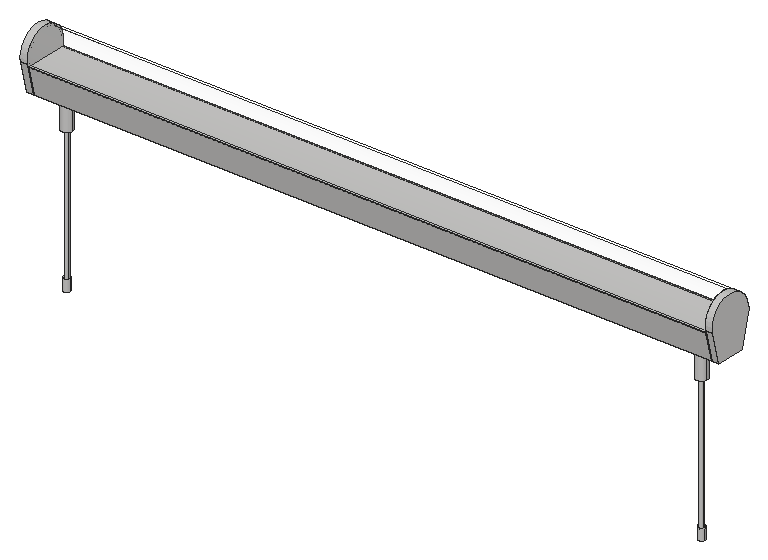
Revit family "67L-P-Dome", category Lighting Fixtures, host Face, Revit 2013
Parameters (values of type "Note 67L-Textured Matte White")
  Width = 48.000"
  Watts = 16 W
  Wattage Comments = "4.5-16 W"  # constant formula
  Wattage = 16 W
  built-in parameter 1150110 = 1 (stored number, unit not read)
  Voltage = 120 V
  URL = "http://www.litecontrol.com/"
  built-in parameter 1114217 = 1 (stored number, unit not read)
  Tilt Angle = -90.00°
  built-in parameter 1150109 = 1 (stored number, unit not read)
  built-in parameter 1150134 = (empty or 0)
  built-in parameter 1150113 = 1 (stored number, unit not read)
  Reflector Finish = Glass - Hubbell - White
  Product Page URL = "http://www.litecontrol.com/products/note_67l"
  Product Material = Paint - Hubbell - Textured Matte White
  Product Documentation Link = "http://cdn.litecontrol.com/content/products/specs/specs_files/67L-P-D.pdf"
  Photometric Web File = "67L-P-D-4-4-DM-C1-35K-D055.IES"
  Photometric Notes = "Photometric web Download in below link"  # constant formula
  Photometric Link = "http://www.hubbelllighting.com/resources/photometry/?p=LITECONTROL/Pendant/67L-P-D/"
  Pendent Height = 12.000"
  Model = "67L-P-D"  # constant formula
  Manufacturer Phone = "781-294-0100"  # constant formula
  Manufacturer Fax = "781-293-2849"  # constant formula
  Manufacturer = "Litecontrol"  # constant formula
  built-in parameter 1150105 = -41097600 (stored number, unit not read)
  Lumens = 28800 lm
  built-in parameter 1150115 = 1 (stored number, unit not read)
  Load Classification = Lighting
  built-in parameter 1150137 = (empty or 0)
  built-in parameter 1150139 = (empty or 0)
  built-in parameter 1150112 = 1 (stored number, unit not read)
  built-in parameter 1150114 = 1 (stored number, unit not read)
  Lamp = "LED 1800 lumens/ft"  # constant formula
  built-in parameter 1150132 = (empty or 0)
  built-in parameter 1150102 = (empty or 0)
  built-in parameter 1150107 = 3500 (stored number, unit not read)
  built-in parameter 1150138 = (empty or 0)
  built-in parameter 1150106 = -410976 (stored number, unit not read)
  Frequency = 60 Hz  # constant formula
  Emit from Rectangle Width = 2.000"
  Emit from Rectangle Length = (Width - 1.000")  # 47.000"
  Emit Shape Visible in Rendering = no
  built-in parameter 1150104 = 167.23 (stored number, unit not read)
  Dimming Lamp Color Temperature Shift = <None>
  Description = "The NOTE 67L Pendant brings direct illumination, performance and versatility, all within a slim profile and a fresh, contemporary style."  # constant formula
  Default Elevation = 48.000"
  Color Filter = 16777215
  built-in parameter 1114218 = 1 (stored number, unit not read)
  built-in parameter 1150133 = 10 (stored number, unit not read)
  Apparent Load = 0 VA
Types (7): name | Product Material
  (no name) | Paint - Hubbell - Textured Matte White
  Note 67L-Textured Matte White | Paint - Hubbell - Textured Matte White
  Note 67L-Matte White | Paint - Hubbell - Matte White
  Note 67L-Light Silver | Paint - Hubbell - Light Silver
  Note 67L-Machined Aluminium | Paint - Hubbell - Machined Aluminum
  Note 67L-Carbon Black | Paint - Hubbell - Carbon Black
  Note 67L-Textured Camera Black | Paint - Hubbell - Textured Camera Black
Reference planes (in)
  plane 1 "Center (Front/Back)": y = 0
  plane 2: z = 0
  plane 3 "Center (Left/Right)": x = 0
  plane 4: x = -22
  plane 5: z = 12
  plane 6: x = 22
  plane 7: x = -24
  plane 8: x = 24
  plane 9: z = 13.98438
Forms (in)
  Revolve 1, solid, material "Paint - Hubbell - Textured Matte White" <- "Product Material"
    sketch origin (0, 0, 0) x (1, 0, 0) y (0, 0, 1)
      loop
        line (-21.76618, 0) -> (-21.76618, 0.75) -> (-21.86618, 0.75) -> (-21.86618, 10) -> (-21.61618, 10) -> (-21.61618, 12) -> (-22, 12) -> (-22, 0) -> (-21.76618, 0)
      axis (-22, 12) -> (-22, 0)
    angle from 0 to 360
  Revolve 2, solid, material "Paint - Hubbell - Textured Matte White" <- "Product Material"
    sketch origin (0, 0, 0) x (-1, 0, 0) y (0, 0, 1)
      loop
        line (-21.76618, 0) -> (-21.76618, 0.75) -> (-21.86618, 0.75) -> (-21.86618, 10) -> (-21.61618, 10) -> (-21.61618, 12) -> (-22, 12) -> (-22, 0) -> (-21.76618, 0)
      axis (-22, 12) -> (-22, 0)
    angle from 0 to 360
Dimensions and locks (in)
  "Pendent Height": plane 5 to host face
  locked: plane 5 to Revolve 1 sketch curve at 2
  locked: Revolve 1 sketch curve to host face at 0.75
  equal spacing: plane 6, plane 3 "Center (Left/Right)", plane 4
  locked: plane 4 to plane 7 at 2
  locked: plane 6 to plane 8 at 2
  "Width": plane 8 to plane 7
  locked: plane 9 to plane 5 at 1.98438
  aligned and locked: plane 2 to host face
  aligned and locked: level to host face
  aligned and locked: plane 2 to Revolve 1 sketch curve
  aligned and locked: Revolve 1 sketch curve to plane 4
  aligned and locked: plane 5 to Revolve 1
  aligned and locked: plane 5 to Revolve 2
  aligned and locked: Revolve 2 sketch curve to Revolve 2 sketch curve
  aligned and locked: Revolve 1 to Revolve 2  (x2)
  aligned and locked: Revolve 2 to host face
  aligned and locked: plane 3 "Center (Left/Right)" to nested 1
  aligned and locked: plane 1 "Center (Front/Back)" to nested 1
  aligned and locked: plane 3 "Center (Left/Right)" to imposter light
  aligned and locked: imposter light to plane 9
Automatic sketch dimensions
  host sketch curve to host sketch curve = 96.000"  (x2)
  Revolve 1 sketch curve to plane 4 = 0.000"
  Revolve 1 sketch curve to plane 5 = 0.000"
  plane 4 to Revolve 1 sketch curve = 0.13382"
  Revolve 1 sketch curve to Revolve 1 sketch curve = 0.100"
  Revolve 1 sketch curve to Revolve 1 sketch curve = 0.250"
  Revolve 1 sketch curve to level = 16.89225"
  Revolve 1 sketch curve to Revolve 1 sketch curve = 1.13733"
  plane 6 to Revolve 2 sketch curve = 0.000"
  Revolve 2 sketch curve to level = 0.000"
  Revolve 2 sketch curve to plane 5 = 0.000"
  Revolve 2 sketch curve to plane 6 = 0.13382"
  Revolve 2 sketch curve to Revolve 2 sketch curve = 0.100"
  Revolve 2 sketch curve to Revolve 2 sketch curve = 0.250"
  Revolve 2 sketch curve to Revolve 2 sketch curve = 16.89225"
  Revolve 2 sketch curve to level = 0.750"
  Revolve 2 sketch curve to plane 5 = 2.000"
  Revolve 2 sketch curve to Revolve 2 sketch curve = 2.64693"
Nested families (in)
  nested 1: "67L-P-D Light" at (2.04767, -0.03999, 12), Row Length <- "Width", Glass <- "Reflector Finish", Backbox <- "Product Material", type "67L-P-D Light"
    with Row Length 48.000", Glass Glass - Hubbell - White, Backbox Paint - Hubbell - Textured Matte White
Connectors (in)
  electrical at (22, 0, 12), driven by "Voltage", driven by "Apparent Load", driven by "Load Classification"
    settings: on Revolve 2, index 1, voltage 120 V, apparent load 0 VA, apparent load phase1 0 VA, apparent load phase2 0 VA, apparent load phase3 0 VA, power factor 1, load classification "Lighting", number of poles 1, system type 30, power factor state 1, is connector primary yes, connector utility no, sub classification motor no, connector description "Lighting Connector"
Definition of nested family "67L-P-D Light"
  Parameters (values of type "67L-P-D Light")
    Wattage Comments = ""
    URL = ""
    Row Length [instance] = 24.000"
    Product Page URL = ""
    Product Documentation Link = ""
    Model = ""
    Manufacturer Phone = ""
    Manufacturer Fax = ""
    Manufacturer = ""
    Lamp = ""
    Glass [instance] = none
    Description = ""
    Default Elevation = 48.000"
    Backbox [instance] = none
  Reference planes (in)
    plane 1 "Center (Front/Back)": y = 0.03999
    plane 2: z = 0
    plane 3 "Center (Left/Right)": x = -2.04767
    plane 4: x = -14.04767
    plane 5: x = 9.95233
    plane 6: x = -13.54767
    plane 7: x = 9.45233
    plane 8: z = 3.875
    plane 9: y = -1.46001
    plane 10: y = 1.53999
    plane 11: y = 1.03999
    plane 12: y = -0.96001
    plane 13: z = 1.98438
  Forms (in)
    Extrusion 1, solid
      sketch origin (0, 0, 0.06357) x (1, 0, 0) y (0, 1, 0)
        loop
          line (-48, 48) -> (-48, -48) -> (48, -48) -> (48, 48) -> (-48, 48)
      from -0.06357 to -6.47428
    Extrusion 2, solid, material <- "Backbox"
      sketch origin (-2.04767, 0, 0) x (0, 1, 0) y (0, 0, 1)
        loop
          line (-0.96001, 0) -> (1.0439, 0) -> (1.53999, 1.98437)
          arc (1.53999, 1.98437) -> (0.09412, 3.90459) -> (-1.48257, 2.09025) r 1.54616
          line (-1.48257, 2.09025) -> (-0.96001, 0)
      from 11.5 to 12
    Extrusion 3, solid, material <- "Backbox"
      sketch origin (-2.04767, 0, 0) x (0, 1, 0) y (0, 0, 1)
        loop
          line (-0.96001, 0) -> (1.0439, 0) -> (1.53999, 1.98437)
          arc (1.53999, 1.98437) -> (0.09412, 3.90459) -> (-1.48257, 2.09025) r 1.54616
          line (-1.48257, 2.09025) -> (-0.96001, 0)
      from -11.5 to -12
    Extrusion 4, solid, material <- "Glass"
      sketch origin (-2.04767, 0, 0) x (0, 1, 0) y (0, 0, 1)
        loop
          arc (1.53999, 1.98437) -> (0.03999, 3.90554) -> (-1.46001, 1.98437) r 1.54616
          line (-1.46001, 1.98437) -> (-1.33081, 1.98437)
          arc (-1.33081, 1.98437) -> (0.03999, 3.78054) -> (1.41079, 1.98437) r 1.42116
          line (1.41079, 1.98437) -> (1.53999, 1.98437)
      from -11.5 to 11.5
    Extrusion 5, solid, material <- "Backbox"
      sketch origin (-2.04767, 0, 0) x (0, 1, 0) y (0, 0, 1)
        loop
          line (-0.96001, 0) -> (1.0439, 0) -> (1.53999, 1.98437) -> (-1.4561, 1.98437) -> (-0.96001, 0)
      from -11.5 to 11.5
  Dimensions and locks (in)
    equal spacing: plane 5, plane 3 "Center (Left/Right)", plane 4
    plane 6 to plane 4 = 0.500"
    "Row Length": plane 5 to plane 4
    equal spacing: plane 7, plane 3 "Center (Left/Right)", plane 6
    locked: plane 8 to Extrusion 1 at 3.875
    locked: plane 1 "Center (Front/Back)" to plane 9 at 1.5
    locked: plane 13 to Extrusion 1 at 1.98438
    locked: plane 10 to plane 9 at 3
    locked: plane 11 to plane 12 at 2
    aligned and locked: plane 2 to Extrusion 1
    aligned and locked: level to Extrusion 1
    aligned and locked: plane 5 to Extrusion 2
    aligned and locked: Extrusion 2 to plane 7
    aligned and locked: plane 7 to Extrusion 5
    aligned and locked: Extrusion 5 to plane 6
    aligned and locked: Extrusion 3 to plane 4
    aligned and locked: plane 6 to Extrusion 3
    aligned and locked: Extrusion 5 sketch curve to level
    aligned and locked: Extrusion 5 to Extrusion 3 sketch curve
    aligned and locked: Extrusion 2 sketch curve to Extrusion 3  (x4)
    aligned and locked: Extrusion 4 to plane 6
    aligned and locked: plane 7 to Extrusion 4
    aligned and locked: plane 13 to Extrusion 5
    aligned and locked: Extrusion 4 sketch curve to Extrusion 3
  Automatic sketch dimensions
    Extrusion 1 sketch curve to Extrusion 1 sketch curve = 96.000"  (x2)
    plane 9 to Extrusion 3 sketch curve = 0.02256"
    Extrusion 3 sketch curve to plane 12 = 0.000"
    Extrusion 3 sketch curve to plane 1 "Center (Front/Back)" = 0.000"
    plane 11 to Extrusion 3 sketch curve = 0.00391"
    Extrusion 3 sketch curve to plane 10 = 0.000"
    level to Extrusion 3 sketch curve = 2.09025"
    Extrusion 2 sketch curve to plane 10 = 0.000"
    Extrusion 5 sketch curve to plane 12 = 0.000"
    Extrusion 5 sketch curve to plane 10 = 0.000"
    Extrusion 5 sketch curve to plane 9 = 0.00391"
    plane 11 to Extrusion 5 sketch curve = 0.00391"
    level to Extrusion 3 sketch curve = 1.98437"
    Extrusion 5 sketch curve to plane 8 = 1.89062"
    Extrusion 4 sketch curve to Extrusion 4 sketch curve = 0.000"  (x2)
    plane 9 to Extrusion 4 sketch curve = 0.000"
    Extrusion 4 sketch curve to Extrusion 4 sketch curve = 0.1292"
    plane 13 to Extrusion 4 sketch curve = 0.000"
